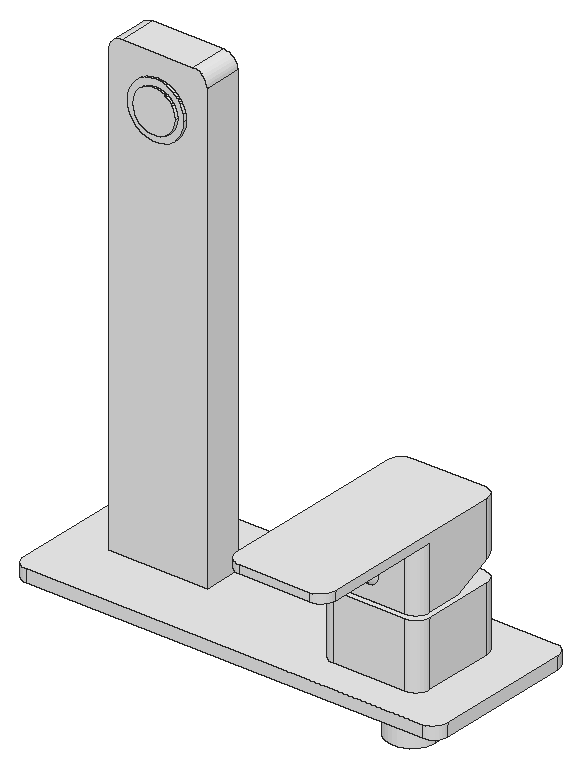
Revit family "Mixer-Basin-Dorf Epic-Wall1", category Plumbing Fixtures, host Face, Revit 2012
Parameters (values of type "180mm Outlet")
  Waste Connection = no
  WELSRating_ANZRS = "WELS 5 star rated, 6L/min"
  Vent Connection = no
  URL = "http://www.dorf.com.au/"
  Type Comments = "Epic Wall Basin Mixer 180mm Outlet"
  Spout = if(Large, 240 mm, 180 mm)  # 180 mm
  Model = "6410.045A"
  Material_ANZRS = Metal-Chrome-Caroma
  Manufacturer = "Dorf"  # constant formula
  Large = no
  HWFU = 2
  HW Connection = yes
  Description = "Fully featured cartridge, Chrome finish, Water efficient, Longer reach for sink versatility, European hoses"  # constant formula
  Default Elevation = 1200 mm
  CreatedBy_ANZRS = "Design Content"  # constant formula
  CreatedByURL_ANZRS = "www.designcontent.com.au"
  Cost = 0
  Connector Radius = 10 mm  # constant formula
  CWFU = 2
  CW Connection = yes
  Assembly Code = "D2020300"
Types (3, lengths in mm): name | Type Comments | Spout | Model | Large
  (no name) | "Epic Wall Basin Mixer 180mm Outlet" | 180 | "6410.045A" | no
  180mm Outlet | "Epic Wall Basin Mixer 180mm Outlet" | 180 | "6410.045A" | no
  240mm Outlet | "Epic Wall Basin Mixer 240mm Outlet" | 240 | "6411.045A" | yes
Reference planes
  plane 1 "Center (Front/Back)": y = 0
  plane 2: z = 0
  plane 3 "Center (Left/Right)": x = 0
  plane 4: z = 180
  plane 5: z = 201.234
  plane 6: z = 192
  plane 7: z = 168
  plane 8: z = 170.827
  plane 9: z = 171.008
  plane 10: z = 189.173
  plane 11: z = 188.992
Forms (mm)
  Extrusion 1, solid, material "Metal-Chrome-Caroma" <- "Material_ANZRS", detail levels fine
    sketch origin (50, 0, 0) x (1, 0, 0) y (0, 1, 0)
      loop
        arc (-15, 21.015) -> (-19.243, 19.258) -> (-21, 15.015) r 6
        line (-21, 15.015) -> (-21, -15.015)
        arc (-21, -15.015) -> (-19.243, -19.258) -> (-15, -21.015) r 6
        line (-15, -21.015) -> (15, -21.015)
        arc (15, -21.015) -> (19.243, -19.258) -> (21, -15.015) r 6
        line (21, -15.015) -> (21, 15.015)
        arc (21, 15.015) -> (19.243, 19.258) -> (15, 21.015) r 6
        line (15, 21.015) -> (-15, 21.015)
    from 5.2 to 32.5
  Revolve 2, solid, material "Metal-Chrome-Caroma", detail levels fine
    sketch origin (50, 0, -101) x (0, 1, 0) y (0, 0, 1)
      loop
        arc (18.482, 133.5) -> (12.78, 146.031) -> (0, 151.15) r 18.494
        line (0, 151.15) -> (0, 133.5) -> (18.482, 133.5)
      axis (0, 151.15) -> (0, 133.5)
    angle from 0 to 360
  Extrusion 3, solid, material "Metal-Chrome-Caroma" <- "Material_ANZRS", detail levels fine
    sketch origin (50, 0, -101) x (1, 0, 0) y (0, 1, 0)
      loop
        arc (-15, 21.015) -> (-19.243, 19.258) -> (-21, 15.015) r 6
        line (-21, 15.015) -> (-21, -64.985)
        arc (-21, -64.985) -> (-19.243, -69.228) -> (-15, -70.985) r 6
        line (-15, -70.985) -> (15, -70.985)
        arc (15, -70.985) -> (19.243, -69.228) -> (21, -64.985) r 6
        line (21, -64.985) -> (21, 15.015)
        arc (21, 15.015) -> (19.243, 19.258) -> (15, 21.015) r 6
        line (15, 21.015) -> (-15, 21.015)
    from 161.926 to 165.5
  Extrusion 4, void
    sketch origin (321, 15, -101) x (0, 1, 0) y (0, 0, -1)
      loop
        line (-15.708, -135.163) -> (6.287, -145.419) -> (6.287, -135.163) -> (-15.708, -135.163)
    from 250 to 292
  Extrusion 5, solid, material "Metal-Chrome-Caroma" <- "Material_ANZRS", detail levels fine
    sketch origin (50, 0, -101) x (1, 0, 0) y (0, 1, 0)
      loop
        arc (-15, 21.015) -> (-19.243, 19.258) -> (-21, 15.015) r 6
        line (-21, 15.015) -> (-21, -15.015)
        arc (-21, -15.015) -> (-19.243, -19.258) -> (-15, -21.015) r 6
        line (-15, -21.015) -> (15, -21.015)
        arc (15, -21.015) -> (19.243, -19.258) -> (21, -15.015) r 6
        line (21, -15.015) -> (21, 15.015)
        arc (21, 15.015) -> (19.243, 19.258) -> (15, 21.015) r 6
        line (15, 21.015) -> (-15, 21.015)
    from 135.5 to 165.5
  Extrusion 6, solid, material "Metal-Chrome-Caroma" <- "Material_ANZRS", detail levels fine
    sketch origin (-50, -125.5, 59.2) x (1, 0, 0) y (0, 0, -1)
      loop
        line (-21, 54) -> (-21, -136)
        arc (-21, -136) -> (-19.243, -140.243) -> (-15, -142) r 6
        line (-15, -142) -> (15, -142)
        arc (15, -142) -> (19.243, -140.243) -> (21, -136) r 6
        line (21, -136) -> (21, 54) -> (-21, 54)
    from 117.5 to 133.5
  Extrusion 7, solid, material "Metal-Chrome-Caroma" <- "Material_ANZRS", detail levels fine
    sketch origin (-50, -125.5, 55.261) x (1, 0, 0) y (0, 0, -1)
      loop
        circle (0, -124.739) r 12
    from 116.5 to 117.5
  Blend 8, solid, material "Metal-Chrome-Caroma" <- "Material_ANZRS", detail levels fine
    base sketch origin (-50, -125.5, 55.261) x (1, 0, 0) y (0, 0, -1)
      loop
        circle (0, -124.739) r 9.4
    top sketch origin (-50, -125.5, 55.261) x (1, 0, 0) y (0, 0, -1)
      loop
        circle (0, -124.739) r 8.992
    from 117.5 to 115.698
  Extrusion 9, solid, material "Metal-Chrome-Caroma" <- "Material_ANZRS", detail levels fine
    sketch origin (0, 0, -4.906) x (1, 0, 0) y (0, 1, 0)
      loop
        arc (-84, 35) -> (-88.243, 33.243) -> (-90, 29) r 6
        line (-90, 29) -> (-90, -29)
        arc (-90, -29) -> (-88.243, -33.243) -> (-84, -35) r 6
        line (-84, -35) -> (84, -35)
        arc (84, -35) -> (88.243, -33.243) -> (90, -29) r 6
        line (90, -29) -> (90, 29)
        arc (90, 29) -> (88.243, 33.243) -> (84, 35) r 6
        line (84, 35) -> (-84, 35)
    from 4.906 to 10.106
  Extrusion 10, solid, material "Metal-Chrome-Caroma" <- "Material_ANZRS"
    sketch origin (64.142, 0, 0) x (1, 0, 0) y (0, 1, 0)
      loop
        circle (-7.071, -7.071) r 10
    from -20 to 0
  Extrusion 11, solid, material "Metal-Chrome-Caroma" <- "Material_ANZRS"
    sketch origin (35.858, 0, 0) x (-1, 0, 0) y (0, -1, 0)
      loop
        circle (-7.071, -7.071) r 10
    from -20 to 0
  Revolve 12, solid, material "Metal-Chrome-Caroma" <- "Material_ANZRS", detail levels fine
    sketch origin (50, 0, -2.135) x (0, -1, 0) y (0, 0, -1)
      loop
        arc (22.115, -46.567) -> (21.831, -44.55) -> (21, -42.691) r 7.295
        line (21, -42.691) -> (21, -46.567) -> (22.115, -46.567)
      axis (22.115, -46.567) -> (21, -46.567)
    angle from 0 to 360
Cuts and joins
  Extrusion 4 cuts Extrusion 5
  joined: Extrusion 3, Extrusion 5
  joined: Extrusion 7, Blend 8
Lines and regions (mm)
  Masking region 1
    outline origin (0, -946.28, 1362.605) x (0, 1, 0) y (0, 0, 1)
      loop
        line (911.28, -1362.605) -> (981.28, -1362.605) -> (981.28, -1357.905)
        arc (981.28, -1357.905) -> (981.133, -1357.551) -> (980.78, -1357.405) r 0.5
        line (980.78, -1357.405) -> (967.28, -1357.405) -> (967.28, -1330.605)
        arc (967.28, -1330.605) -> (967.133, -1330.251) -> (966.78, -1330.105) r 0.5
        line (966.78, -1330.105) -> (964.762, -1330.105)
        arc (964.762, -1330.105) -> (963.895, -1325.293) -> (961.798, -1320.876) r 18.494
        line (961.798, -1320.876) -> (967.28, -1318.319) -> (967.28, -1314.914)
        arc (967.28, -1314.914) -> (968.395, -1311.037) -> (967.28, -1307.161) r 7.295
        line (967.28, -1307.161) -> (967.28, -1298.605)
        arc (967.28, -1298.605) -> (967.133, -1298.251) -> (966.78, -1298.105) r 0.5
        line (966.78, -1298.105) -> (954.28, -1298.105) -> (954.28, -1161.871)
        arc (954.28, -1161.871) -> (954.133, -1161.518) -> (953.78, -1161.371) r 0.5
        line (953.78, -1161.371) -> (938.78, -1161.371)
        arc (938.78, -1161.371) -> (938.426, -1161.518) -> (938.28, -1161.871) r 0.5
        line (938.28, -1161.871) -> (938.28, -1170.605) -> (937.28, -1170.605) -> (937.28, -1173.431) -> (936.477, -1173.613) -> (936.477, -1191.597) -> (937.28, -1191.778) -> (937.28, -1194.605) -> (938.28, -1194.605) -> (938.28, -1298.105) -> (875.795, -1298.105)
        arc (875.795, -1298.105) -> (875.441, -1298.251) -> (875.295, -1298.605) r 0.5
        line (875.295, -1298.605) -> (875.295, -1301.105)
        arc (875.295, -1301.105) -> (875.441, -1301.458) -> (875.795, -1301.605) r 0.5
        line (875.795, -1301.605) -> (919.27, -1301.605)
        arc (919.27, -1301.605) -> (923.52, -1303.365) -> (925.28, -1307.614) r 6.01
        line (925.28, -1307.614) -> (925.28, -1328.105) -> (927.998, -1328.105)
        arc (927.998, -1328.105) -> (927.871, -1329.102) -> (927.798, -1330.105) r 18.494
        line (927.798, -1330.105) -> (925.78, -1330.105)
        arc (925.78, -1330.105) -> (925.426, -1330.251) -> (925.28, -1330.605) r 0.5
        line (925.28, -1330.605) -> (925.28, -1357.405) -> (911.78, -1357.405)
        arc (911.78, -1357.405) -> (911.426, -1357.551) -> (911.28, -1357.905) r 0.5
        line (911.28, -1357.905) -> (911.28, -1362.605)
  Masking region 2
    outline origin (-836.117, 213.861, 0) x (1, 0, 0) y (0, 1, 0)
      loop
        arc (752.117, -178.861) -> (747.874, -180.618) -> (746.117, -184.861) r 6
        line (746.117, -184.861) -> (746.117, -242.861)
        arc (746.117, -242.861) -> (747.874, -247.104) -> (752.117, -248.861) r 6
        line (752.117, -248.861) -> (865.117, -248.861) -> (865.117, -278.846)
        arc (865.117, -278.846) -> (866.874, -283.089) -> (871.117, -284.846) r 6
        line (871.117, -284.846) -> (901.117, -284.846)
        arc (901.117, -284.846) -> (905.36, -283.089) -> (907.117, -278.846) r 6
        line (907.117, -278.846) -> (907.117, -248.861) -> (920.117, -248.861)
        arc (920.117, -248.861) -> (924.36, -247.104) -> (926.117, -242.861) r 6
        line (926.117, -242.861) -> (926.117, -184.861)
        arc (926.117, -184.861) -> (924.36, -180.618) -> (920.117, -178.861) r 6
        line (920.117, -178.861) -> (752.117, -178.861)
  Masking region 3
    outline origin (74.844, 0, 268.026) x (1, 0, 0) y (0, 0, 1)
      loop
        line (-164.844, -268.026) -> (15.156, -268.026) -> (15.156, -263.326)
        arc (15.156, -263.326) -> (15.009, -262.972) -> (14.656, -262.826) r 0.5
        line (14.656, -262.826) -> (-3.844, -262.826) -> (-3.844, -236.026)
        arc (-3.844, -236.026) -> (-3.991, -235.672) -> (-4.344, -235.526) r 0.5
        line (-4.344, -235.526) -> (-6.362, -235.526)
        arc (-6.362, -235.526) -> (-6.435, -234.523) -> (-6.563, -233.526) r 18.494
        line (-6.563, -233.526) -> (-3.844, -233.526) -> (-3.844, -204.026)
        arc (-3.844, -204.026) -> (-3.991, -203.672) -> (-4.344, -203.526) r 0.5
        line (-4.344, -203.526) -> (-45.344, -203.526)
        arc (-45.344, -203.526) -> (-45.698, -203.672) -> (-45.844, -204.026) r 0.5
        line (-45.844, -204.026) -> (-45.844, -233.526) -> (-43.126, -233.526)
        arc (-43.126, -233.526) -> (-43.253, -234.523) -> (-43.326, -235.526) r 18.494
        line (-43.326, -235.526) -> (-45.344, -235.526)
        arc (-45.344, -235.526) -> (-45.698, -235.672) -> (-45.844, -236.026) r 0.5
        line (-45.844, -236.026) -> (-45.844, -262.826) -> (-103.844, -262.826) -> (-103.844, -72.792)
        arc (-103.844, -72.792) -> (-105.602, -68.549) -> (-109.844, -66.792) r 6
        line (-109.844, -66.792) -> (-139.844, -66.792)
        arc (-139.844, -66.792) -> (-144.087, -68.549) -> (-145.844, -72.792) r 6
        line (-145.844, -72.792) -> (-145.844, -262.826) -> (-164.344, -262.826)
        arc (-164.344, -262.826) -> (-164.698, -262.972) -> (-164.844, -263.326) r 0.5
        line (-164.844, -263.326) -> (-164.844, -268.026)
  symbolic lines
    curve 1: line (29, 0, 5.2) -> (71, 0, 5.2)
    curve 2: line (0, 21, 5.2) -> (0, -21, 5.2)
    curve 3: line (-71, 0, 5.2) -> (-29, 0, 5.2)
    curve 4: line (31.718, 0, 34.5) -> (68.282, 0, 34.5)
    curve 5: line (31.518, 0, 32.5) -> (68.482, 0, 32.5)
    curve 6: line (0, 18.482, 32.5) -> (0, 8, 32.5)
    curve 7: line (0, 15.518, 41.729) -> (0, 8, 38.223)
    curve 8: line (0, -8, 34.5) -> (0, -18.282, 34.5)
    curve 9: line (0, 21, 47.691) -> (0, 21, 55.444)
    curve 10: line (0, -8, 192.247) -> (0, -8, 168)
    curve 11: line (0, -9, 189.414) -> (0, -9, 170.603)
    curve 12: line (-71, 8, 0) -> (-29, 8, 0)
    curve 13: line (-71, -8, 0) -> (-71, 8, 0)
    curve 14: line (-29, -8, 0) -> (-71, -8, 0)
    curve 15: line (-29, 8, 0) -> (-29, -8, 0)
    curve 16: line (-62.047, -8, 0) -> (-62.047, -9, 0)
    curve 17: line (-37.953, -9, 0) -> (-37.953, -8, 0)
    curve 18: line (-37.953, -9, 0) -> (-62.047, -9, 0)
    curve 19: line (-59.172, -9, 0) -> (-58.992, -9.802, 0)
    curve 20: line (-58.992, -9.802, 0) -> (-41.008, -9.802, 0)
    curve 21: line (-41.008, -9.802, 0) -> (-40.823, -9, 0)
    curve 22: arc (46.147, 21.015, 0) -> (50, 22.121, 0) -> (53.853, 21.015, 0) r 7.262
    curve 23: arc (29, 15.015, 0) -> (30.757, 19.258, 0) -> (35, 21.015, 0) r 6
    curve 24: line (35, 21.015, 0) -> (65, 21.015, 0)
    curve 25: arc (65, 21.015, 0) -> (69.243, 19.258, 0) -> (71, 15.015, 0) r 6
    curve 26: line (29, 15.015, 0) -> (29, -35, 0)
    curve 27: line (71, 15.015, 0) -> (71, -35, 0)
    curve 28: line (0, 8, 64.5) -> (0, 8, 5.2)
    curve 29: line (0, -8, 64.5) -> (0, -8, 5.2)
    curve 30: line (0, -8, 32.5) -> (0, -18.482, 32.5)
Dimensions and locks
  "Spout": plane 4 to level
  equal spacing: plane 6, plane 4, plane 7
  equal spacing: plane 11, plane 4, plane 9
  equal spacing: plane 10, plane 4, plane 8
  locked: plane 4 to plane 5 at 21.234
  locked: plane 6 to plane 7 at 24
  locked: plane 10 to plane 8 at 18.347
  locked: plane 11 to plane 9 at 17.983
  aligned and locked: plane 2 to host face
  aligned and locked: level to host face
  aligned and locked: plane 4 to Extrusion 7 sketch curve
  aligned and locked: plane 4 to Blend 8 sketch curve  (x2)
  aligned and locked: Masking region 1 to plane 6
  aligned and locked: Masking region 1 sketch curve to plane 11
  aligned and locked: Masking region 1 sketch curve to plane 10
  aligned and locked: plane 9 to Masking region 1 sketch curve
  aligned and locked: plane 8 to Masking region 1 sketch curve
  aligned and locked: Masking region 1 sketch curve to plane 5
  aligned and locked: plane 6 to Masking region 1 sketch curve
  aligned and locked: Masking region 1 sketch curve to plane 7
  aligned and locked: Masking region 3 sketch curve to plane 5
Automatic sketch dimensions
  plane 1 "Center (Front/Back)" to curve 14 = 8 mm
  curve 14 to plane 3 "Center (Left/Right)" = 71 mm
  curve 13 to curve 16 = 8.953 mm
  plane 1 "Center (Front/Back)" to curve 19 = 9 mm
  curve 16 to curve 19 = 2.875 mm
  curve 19 to curve 20 = 0.18 mm
  plane 1 "Center (Front/Back)" to curve 21 = 9.802 mm
  curve 19 to curve 21 = 17.983 mm
  curve 20 to curve 21 = 0.185 mm
  curve 21 to curve 17 = 2.87 mm
  curve 17 to curve 14 = 8.953 mm
  plane 3 "Center (Left/Right)" to curve 26 = 29 mm
  curve 26 to curve 23 = 6 mm
  curve 23 to curve 22 = 11.147 mm
  curve 22 to curve 22 = 3.853 mm
  curve 22 to curve 25 = 11.147 mm
  curve 25 to curve 25 = 6 mm
  plane 1 "Center (Front/Back)" to curve 27 = 35 mm
  plane 1 "Center (Front/Back)" to curve 26 = 35 mm
  curve 15 to plane 1 "Center (Front/Back)" = 8 mm
  curve 22 to plane 1 "Center (Front/Back)" = 14.859 mm
  curve 22 to curve 23 = 0.156 mm
  curve 10 to plane 7 = 0 mm
  level to curve 2 = 5.2 mm
  plane 1 "Center (Front/Back)" to curve 2 = 21 mm
  plane 1 "Center (Front/Back)" to curve 30 = 18.482 mm
  curve 30 to curve 8 = 0.201 mm
  curve 11 to plane 8 = 0.224 mm
  plane 1 "Center (Front/Back)" to curve 11 = 9 mm
  plane 1 "Center (Front/Back)" to curve 8 = 8 mm
  curve 30 to curve 8 = 0 mm
  plane 1 "Center (Front/Back)" to curve 29 = 8 mm
  curve 11 to curve 10 = 1 mm
  curve 6 to plane 1 "Center (Front/Back)" = 8 mm
  curve 7 to curve 6 = 0 mm
  curve 28 to plane 1 "Center (Front/Back)" = 8 mm
  curve 7 to curve 7 = 7.518 mm
  curve 7 to curve 6 = 2.965 mm
  curve 7 to curve 9 = 5.482 mm
  curve 28 to curve 2 = 13 mm
  curve 29 to curve 30 = 27.3 mm
  curve 30 to curve 6 = 0 mm
  curve 30 to curve 8 = 2 mm
  curve 6 to curve 7 = 5.723 mm
  curve 7 to curve 7 = 3.506 mm
  curve 7 to curve 9 = 5.962 mm
  curve 9 to curve 9 = 7.753 mm
  curve 9 to curve 28 = 9.056 mm
  curve 29 to curve 28 = 0 mm
  curve 11 to plane 6 = 2.586 mm
  plane 6 to curve 10 = 0.247 mm
  level to curve 3 = 5.2 mm
  curve 3 to plane 3 "Center (Left/Right)" = 71 mm
  curve 3 to plane 3 "Center (Left/Right)" = 29 mm
  level to curve 1 = 5.2 mm
  plane 3 "Center (Left/Right)" to curve 1 = 29 mm
  curve 1 to curve 5 = 2.518 mm
  curve 5 to curve 4 = 0.201 mm
  curve 4 to curve 4 = 36.563 mm
  curve 4 to curve 5 = 0.201 mm
  curve 5 to curve 1 = 2.518 mm
  curve 1 to curve 5 = 27.3 mm
  curve 5 to curve 4 = 2 mm
  plane 1 "Center (Front/Back)" to Masking region 2 sketch curve = 29 mm
  Masking region 2 sketch curve to plane 3 "Center (Left/Right)" = 90 mm
  Masking region 2 sketch curve to Masking region 2 sketch curve = 6 mm  (x5)
  plane 3 "Center (Left/Right)" to Masking region 2 sketch curve = 29 mm
  Masking region 2 sketch curve to Masking region 2 sketch curve = 30 mm
  Masking region 2 sketch curve to Masking region 2 sketch curve = 13 mm
  Masking region 2 sketch curve to Masking region 2 sketch curve = 0 mm
  plane 1 "Center (Front/Back)" to Masking region 2 sketch curve = 35 mm
  Masking region 2 sketch curve to Masking region 2 sketch curve = 29.985 mm
  Masking region 2 sketch curve to plane 1 "Center (Front/Back)" = 29 mm
  Masking region 3 sketch curve to level = 0 mm
  level to Masking region 3 sketch curve = 4.7 mm  (x2)
  Masking region 3 sketch curve to plane 3 "Center (Left/Right)" = 90 mm
  Masking region 3 sketch curve to Masking region 3 sketch curve = 0.5 mm  (x6)
  plane 6 to Masking region 3 sketch curve = 3.234 mm
  Masking region 3 sketch curve to plane 3 "Center (Left/Right)" = 71 mm
  Masking region 3 sketch curve to Masking region 3 sketch curve = 30 mm
  level to Masking region 3 sketch curve = 5.2 mm
  Masking region 3 sketch curve to plane 3 "Center (Left/Right)" = 29 mm
  plane 3 "Center (Left/Right)" to Masking region 3 sketch curve = 29 mm
  Masking region 3 sketch curve to Masking region 3 sketch curve = 0 mm  (x2)
  Masking region 3 sketch curve to Masking region 3 sketch curve = 2.018 mm  (x2)
  Masking region 3 sketch curve to Masking region 3 sketch curve = 0.201 mm  (x2)
  Masking region 3 sketch curve to Masking region 3 sketch curve = 18.274 mm  (x2)
  Masking region 3 sketch curve to Masking region 3 sketch curve = 0.015 mm
  Masking region 3 sketch curve to Masking region 3 sketch curve = 2.218 mm
  Masking region 3 sketch curve to Masking region 3 sketch curve = 18.5 mm
  level to Masking region 3 sketch curve = 31.656 mm
  Masking region 3 sketch curve to Masking region 3 sketch curve = 0.344 mm  (x2)
  Masking region 3 sketch curve to Masking region 3 sketch curve = 29.5 mm
  Extrusion 1 sketch curve to plane 1 "Center (Front/Back)" = 15.015 mm
  plane 3 "Center (Left/Right)" to Extrusion 1 sketch curve = 29 mm
  Extrusion 1 sketch curve to Extrusion 1 sketch curve = 6 mm  (x3)
  Extrusion 1 sketch curve to Extrusion 1 sketch curve = 30 mm  (x2)
  plane 1 "Center (Front/Back)" to Extrusion 1 sketch curve = 15.015 mm
  Revolve 2 sketch curve to plane 1 "Center (Front/Back)" = 0 mm  (x2)
  Revolve 2 sketch curve to plane 1 "Center (Front/Back)" = 0.008 mm
  Revolve 2 sketch curve to Revolve 2 sketch curve = 18.482 mm
  Revolve 2 sketch curve to level = 710.6 mm
  level to Revolve 2 sketch curve = 31.656 mm
  Revolve 2 sketch curve to Revolve 2 sketch curve = 0.844 mm
  Revolve 2 sketch curve to plane 5 = 2041.573 mm
  plane 3 "Center (Left/Right)" to Extrusion 3 sketch curve = 29 mm
  Extrusion 3 sketch curve to Extrusion 3 sketch curve = 6 mm  (x3)
  Extrusion 3 sketch curve to Extrusion 3 sketch curve = 30 mm  (x2)
  plane 1 "Center (Front/Back)" to Extrusion 3 sketch curve = 70.985 mm
  Extrusion 3 sketch curve to plane 1 "Center (Front/Back)" = 15.015 mm
  plane 1 "Center (Front/Back)" to Extrusion 4 sketch curve = 0.708 mm
  Extrusion 4 sketch curve to plane 1 "Center (Front/Back)" = 21.287 mm
  level to Extrusion 4 sketch curve = 44.419 mm
  Extrusion 4 sketch curve to Extrusion 4 sketch curve = 10.256 mm
  Extrusion 5 sketch curve to plane 1 "Center (Front/Back)" = 15.015 mm
  plane 3 "Center (Left/Right)" to Extrusion 5 sketch curve = 29 mm
  Extrusion 5 sketch curve to Extrusion 5 sketch curve = 6 mm  (x3)
  Extrusion 5 sketch curve to Extrusion 5 sketch curve = 30 mm  (x2)
  plane 1 "Center (Front/Back)" to Extrusion 5 sketch curve = 15.015 mm
  level to Extrusion 6 sketch curve = 5.2 mm
  Extrusion 6 sketch curve to plane 3 "Center (Left/Right)" = 71 mm
  plane 6 to Extrusion 6 sketch curve = 3.2 mm
  Extrusion 6 sketch curve to Extrusion 6 sketch curve = 6 mm
  Extrusion 6 sketch curve to Extrusion 6 sketch curve = 30 mm
  Extrusion 6 sketch curve to plane 3 "Center (Left/Right)" = 29 mm
  Extrusion 7 sketch curve to plane 3 "Center (Left/Right)" = 50 mm
  Blend 8 sketch curve to plane 3 "Center (Left/Right)" = 50 mm  (x2)
  plane 1 "Center (Front/Back)" to Extrusion 9 sketch curve = 29 mm  (x2)
  Extrusion 9 sketch curve to plane 3 "Center (Left/Right)" = 90 mm
  Extrusion 9 sketch curve to Extrusion 9 sketch curve = 6 mm  (x2)
  Extrusion 9 sketch curve to plane 1 "Center (Front/Back)" = 35 mm
  plane 3 "Center (Left/Right)" to Extrusion 9 sketch curve = 84 mm
  Extrusion 9 sketch curve to Extrusion 9 sketch curve = 0 mm
  Masking region 1 sketch curve to level = 0 mm
  plane 1 "Center (Front/Back)" to Masking region 1 sketch curve = 70.985 mm
  Masking region 1 sketch curve to Masking region 1 sketch curve = 0.5 mm  (x8)
  plane 1 "Center (Front/Back)" to Masking region 1 sketch curve = 35 mm
  plane 1 "Center (Front/Back)" to Masking region 1 sketch curve = 27.01 mm
  plane 1 "Center (Front/Back)" to Masking region 1 sketch curve = 21 mm
  Masking region 1 sketch curve to Masking region 1 sketch curve = 6.01 mm
  Masking region 1 sketch curve to Masking region 1 sketch curve = 2.018 mm  (x2)
  Masking region 1 sketch curve to Masking region 1 sketch curve = 0.201 mm
  plane 1 "Center (Front/Back)" to Masking region 1 sketch curve = 9.802 mm
  Masking region 1 sketch curve to Masking region 1 sketch curve = 0.802 mm  (x2)
  Masking region 1 sketch curve to Masking region 1 sketch curve = 1 mm  (x2)
  plane 1 "Center (Front/Back)" to Masking region 1 sketch curve = 0.008 mm
  Masking region 1 sketch curve to plane 1 "Center (Front/Back)" = 0.008 mm
  Masking region 1 sketch curve to plane 1 "Center (Front/Back)" = 7.5 mm
  Masking region 1 sketch curve to plane 1 "Center (Front/Back)" = 8 mm
  Masking region 1 sketch curve to Masking region 1 sketch curve = 6.82 mm
  Masking region 1 sketch curve to Masking region 1 sketch curve = 0.697 mm
  Masking region 1 sketch curve to Masking region 1 sketch curve = 2.965 mm
  Masking region 1 sketch curve to Masking region 1 sketch curve = 12.5 mm
  Masking region 1 sketch curve to Masking region 1 sketch curve = 5.482 mm
  level to Masking region 1 sketch curve = 5.2 mm
  Masking region 1 sketch curve to Masking region 1 sketch curve = 13.5 mm
  level to Masking region 1 sketch curve = 4.7 mm
  level to Masking region 1 sketch curve = 31.656 mm
  Masking region 1 sketch curve to Masking region 1 sketch curve = 0 mm
  Masking region 1 sketch curve to Masking region 1 sketch curve = 0.344 mm  (x2)
  Masking region 1 sketch curve to Masking region 1 sketch curve = 2.556 mm
  Masking region 1 sketch curve to Masking region 1 sketch curve = 3.405 mm
  Masking region 1 sketch curve to Masking region 1 sketch curve = 3.877 mm
  Masking region 1 sketch curve to Masking region 1 sketch curve = 20.49 mm
  Masking region 1 sketch curve to Masking region 1 sketch curve = 2.5 mm
  Masking region 1 sketch curve to Masking region 1 sketch curve = 8.556 mm
  host sketch curve to host sketch curve = 400 mm
  host sketch curve to host sketch curve = 200 mm
  plane 3 "Center (Left/Right)" to Extrusion 10 sketch curve = 57.071 mm
  plane 1 "Center (Front/Back)" to Extrusion 10 sketch curve = 7.071 mm
  plane 3 "Center (Left/Right)" to Extrusion 11 sketch curve = 42.929 mm
  Extrusion 11 sketch curve to plane 1 "Center (Front/Back)" = 7.071 mm
  plane 1 "Center (Front/Back)" to Revolve 12 sketch curve = 14.141 mm
  Revolve 12 sketch curve to Revolve 12 sketch curve = 0.679 mm
  Revolve 12 sketch curve to Revolve 12 sketch curve = 6.18 mm
  Revolve 12 sketch curve to Revolve 12 sketch curve = 1.115 mm
  Revolve 12 sketch curve to Revolve 12 sketch curve = 0 mm  (x2)
  level to Revolve 12 sketch curve = 44.432 mm
  radius of Extrusion 7 sketch curve = 12 mm
  radius of Blend 8 sketch curve = 9.4 mm
  radius of Blend 8 sketch curve = 8.992 mm
  radius of Extrusion 10 sketch curve = 10 mm
  radius of Extrusion 11 sketch curve = 10 mm
Connectors
  piping at (57.071, -7.071, -20), driven by "Connector Radius", driven by "CWFU"
    settings: on Extrusion 10, index 7, connector radius 0.3937", flow factor 0, pipe flow 0 GPM, pressure drop 0.00 psi, fitting loss kfactor 0, connector angle 0.00°, fixture units 2, engagement length 0 mm, flow configuration 3, flow direction 1, fitting loss method 1, system type 20, joint type 0, gender type 0, connector reference index -1, connector utility 0, adjustable connector no, is connector primary yes, fitting loss table "Inward Projecting Pipe", connector description ""
  piping at (42.929, 7.071, -20), driven by "Connector Radius", driven by "HWFU"
    settings: on Extrusion 11, index 8, connector radius 0.3937", flow factor 0, pipe flow 0 GPM, pressure drop 0.00 psi, fitting loss kfactor 0, connector angle 0.00°, fixture units 2, engagement length 0 mm, flow configuration 3, flow direction 1, fitting loss method 1, system type 19, joint type 0, gender type 0, connector reference index -1, connector utility 0, adjustable connector no, is connector primary no, fitting loss table "Inward Projecting Pipe", connector description ""
